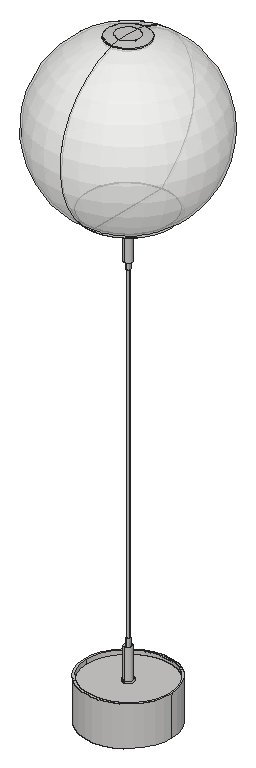
Revit family "Lighting - Luminii - Hera", category Lighting Fixtures, host Face, Revit 2020
Family settings
  Host = Face
  Round Connector Dimension = Use Diameter
  Part Type = Normal
  OmniClass Number = 23.80.70.11.14.21
  OmniClass Title = Spots and Tracklight Specialties
  Cut with Voids When Loaded = No
  Light Source = Yes
  Shared = Yes
  Room Calculation Point = No
Parameters (values of type "Hera - 10"")
  Width = if(Constraint = 1, 10", if(Constraint = 2, 12", if(Constraint = 3, 16", 20")))  # 10"
  Wattage Comments = "9.1 W"
  Wattage = 9.1 W
  Warranty URL = "https://www.luminii.com/terms-conditions/"
  built-in parameter 1150110 = 1 (stored number, unit not read)
  Voltage Comments = "120V | 277V | 347V"  # constant formula
  Voltage = 120 V
  Version = "2020 - v1.0a"  # constant formula
  URL = "https://www.luminii.com/"
  built-in parameter 1114217 = 1 (stored number, unit not read)
  Tilt Angle = -90.00°  # constant formula
  built-in parameter 1150109 = 1 (stored number, unit not read)
  built-in parameter 1150134 = (empty or 0)
  built-in parameter 1150113 = 1 (stored number, unit not read)
  Support Phone = "224-699-9545"  # constant formula
  Support Email = "mailto:support@bimsmith.com"
  Product Page URL = "https://www.luminii.com/product/hera/"
  Product Name = "Hera"  # constant formula
  Product Documentation Link = "https://www.luminii.com/wp-content/uploads/z_special_catalog_products/products/hera/specsheets/HERA_specsheet.pdf"
  Power Source Type = "Driver"  # constant formula
  Power Factor = 1
  Photometric Web File = "710-A90-35-07.ies"
  Phase = 1
  Operating Temperature = "Consult Manufacturer Website for more Information"  # constant formula
  Number of Poles = if(and(or(Voltage = 120 V, Voltage = 277 V), Phase = 1), 1, if(and(or(Voltage = 208 V, Voltage = 240 V), Phase = 1), 2, if(and(or(Voltage = 208 V, Voltage = 240 V), Phase = 3), 3, if(and(Voltage > 300 V, Phase = 1), 2, if(and(Voltage > 400 V, Phase = 3), 3, 1)))))  # 1
  Mounting Method = "Surface Mount"  # constant formula
  Model = "710"
  Manufacturer Phone Number = "224-333-6033"  # constant formula
  Manufacturer Email = "mailto:info@luminii.com"
  Manufacturer Address = "7777 N Merrimac Ave, Niles, IL 60714"  # constant formula
  Manufacturer = "Luminii"  # constant formula
  built-in parameter 1150105 = 62.277 (stored number, unit not read)
  Lumens = 782.6 lm
  built-in parameter 1150115 = 1 (stored number, unit not read)
  Lumen Output = "716 lm"
  Load Classification = Lighting
  built-in parameter 1150137 = (empty or 0)
  built-in parameter 1150139 = (empty or 0)
  Lens Material = Plastic - Luminii - Frosted Lens
  Length Comments [instance] = "Perfomance based on 1\" Photometric Web File"  # constant formula
  Length [instance] = if(Constraint = 1, 10", if(Constraint = 2, 12", if(Constraint = 3, 16", 20")))  # 10"
  built-in parameter 1150112 = 1 (stored number, unit not read)
  built-in parameter 1150114 = 1 (stored number, unit not read)
  Lamp Life = 1
  Lamp = "LED"  # constant formula
  Keynote = "26 50 00"
  Instruction Sheet Link = "https://www.luminii.com/wp-content/uploads/z_special_catalog_products/products/hera/install-guides/HERA_installation.pdf"
  built-in parameter 1150132 = (empty or 0)
  built-in parameter 1150102 = (empty or 0)
  built-in parameter 1150107 = 3000 (stored number, unit not read)
  Initial Color Comments = "Perfomance based on 3500K Photometric Web File"  # constant formula
  built-in parameter 1150138 = (empty or 0)
  built-in parameter 1150106 = 0.62277 (stored number, unit not read)
  Housing Protection Rating = "Consult Manufacturer Website for more Information"  # constant formula
  Has Dimming = 1 = 1  # yes
  Has Battery Backup = 0 = 1  # no
  Frequency Comments = ""  # constant formula
  Frequency = 60 Hz
  Finish = Metal - Luminii - Silver Anodized Aluminum
  Environment = "Indoor"  # constant formula
  built-in parameter 1150104 = 7.9897 (stored number, unit not read)
  Dimming Lamp Color Temperature Shift = <None>
  Description = "Acrylic globe pendant"  # constant formula
  Depth = if(Constraint = 1, 10", if(Constraint = 2, 12", if(Constraint = 3, 16", 20")))  # 10"
  Default Elevation = 0"  # constant formula
  Current Amps = 50 A
  Copyright = "©2023 Luminii"  # constant formula
  Color Filter = 16777215
  built-in parameter 1114216 [instance] = 0  # (empty or 0)
  Canopy Type Description [instance] = if(C Canopy Option = 2, "Round Canopy", "Square Canopy")  # "Round Canopy"
  Canopy - Square [instance] = not([Canopy - Round])  # no
  Canopy - Round [instance] = yes
  built-in parameter 1140040 [instance] = 1 = 1  # 1
  Cable Type Description [instance] = if(and([Cable - Aircraft], not(or([Cable - Feed], [Cable - Solid Stem]))), "Aircraft Cable", if(and([Cable - Solid Stem], not(or([Cable - Feed], [Cable - Aircraft]))), "Solid Stem", if(and([Cable - Feed], not(or([Cable - Solid Stem], [Cable - Aircraft]))), "Feed Cable", "Select Only One Option")))  # "Aircraft Cable"
  Cable - Solid Stem [instance] = no
  Cable - Feed [instance] = no
  Cable - Aircraft [instance] = yes
  CCT = "3000K"
  Constraint = 1
  C Light Source Offset = if(Constraint = 1, 5", if(Constraint = 2, 6", if(Constraint = 3, 8", 10")))  # 5"
  C Canopy Option [instance] = if([Canopy - Round], 2, 1)  # 2
  C Canopy Offset [instance] = if(C Canopy Option = 1, 2 11/128", 2 21/128")  # 2 21/128"
  Desired Cable Length [instance] = 24"
  C Cable Option [instance] = if(and([Cable - Aircraft], not(or([Cable - Feed], [Cable - Solid Stem]))), 1, if(and([Cable - Solid Stem], not(or([Cable - Feed], [Cable - Aircraft]))), 3, if(and([Cable - Feed], not(or([Cable - Solid Stem], [Cable - Aircraft]))), 2, 1)))  # 1
  Bottom Cap Material = Metal - Luminii - Silver Anodized Aluminum
  built-in parameter 1114218 = 1 (stored number, unit not read)
  built-in parameter 1150133 = 10 (stored number, unit not read)
  Assembly Code = "D5020230"
  Apparent Load = Wattage / Power Factor  # 9.1 VA
  Actual Cable Length [instance] = if(Desired Cable Length < 12", 12", if(Desired Cable Length > 96", 96", Desired Cable Length))  # 24"
Types (4): name | Width | Wattage Comments | Wattage | Photometric Web File | Model | built-in parameter 1150105 | Lumens | Lumen Output | Length | built-in parameter 1150106 | Depth | Constraint | C Light Source Offset | Apparent Load
  Hera - 10" | 10" | "9.1 W" | 9.1 W | "710-A90-35-07.ies" | "710" | 62.277 (stored number, unit not read) | 782.6 lm | "716 lm" | 10" | 0.62277 (stored number, unit not read) | 10" | 1 | 5" | 9.1 VA
  Hera - 12" | 12" | "9.1" | 9.1 W | "712-A90-35-07.ies" | "712" | 62.277 (stored number, unit not read) | 782.6 lm | "716 lm" | 12" | 0.62277 (stored number, unit not read) | 12" | 2 | 6" | 9.1 VA
  Hera - 16" | 16" | "8.2 W" | 8.2 W | "716-A90-35-07.ies" | "716" | 56.118 (stored number, unit not read) | 705.2 lm | "684 lm" | 16" | 0.56118 (stored number, unit not read) | 16" | 3 | 8" | 8.2 VA
  Hera - 20" | 20" | "8.2 W" | 8.2 W | "720-A90-35-07.ies" | "720" | 56.118 (stored number, unit not read) | 705.2 lm | "698 lm" | 20" | 0.56118 (stored number, unit not read) | 20" | 4 | 10" | 8.2 VA
Reference planes (in)
  plane 1 "Center (Front/Back)": y = 0
  plane 2: z = 0
  plane 3 "Center (Left/Right)": x = 0
  plane 4: x = -7
  plane 5: x = 7
  plane 6: y = 5
  plane 7: y = -5
  plane 8 "B": z = 2.16406
  plane 9 "A": z = 26.16406
  plane 10: z = 31.16406
  plane 11: z = 36.16406
Forms (in)
  Extrusion 1, solid, material "Metal - Luminii - Silver Anodized Aluminum", not visible
    sketch origin (0, 0, 0) x (1, 0, 0) y (0, 1, 0)
      loop
        circle (0, 0) r 0.5
    from 0 to -0.17225
Dimensions and locks (in)
  equal spacing: plane 4, plane 3 "Center (Left/Right)", plane 5
  equal spacing: plane 6, plane 1 "Center (Front/Back)", plane 7
  locked: plane 4 to plane 5 at 14
  "Width": plane 6 to plane 7
  "C Canopy Offset": plane 8 "B" to host face
  "Actual Cable Length": plane 9 "A" to plane 8 "B"
  "C Light Source Offset": plane 10 to plane 9 "A"
  "Length": plane 11 to plane 9 "A"
  aligned and locked: plane 2 to host face
  aligned and locked: plane 3 "Center (Left/Right)" to Extrusion 1 sketch curve
  aligned and locked: plane 1 "Center (Front/Back)" to Extrusion 1 sketch curve
  aligned and locked: plane 2 to Extrusion 1  (x2)
  aligned and locked: imposter light to plane 3 "Center (Left/Right)"
  aligned and locked: imposter light to plane 1 "Center (Front/Back)"
  aligned and locked: plane 3 "Center (Left/Right)" to nested 1
  aligned and locked: plane 1 "Center (Front/Back)" to nested 1
  aligned and locked: imposter light to plane 10
  aligned and locked: plane 3 "Center (Left/Right)" to nested 2
  aligned and locked: plane 1 "Center (Front/Back)" to nested 2
  aligned and locked: plane 3 "Center (Left/Right)" to nested 3
  aligned and locked: plane 1 "Center (Front/Back)" to nested 3
Automatic sketch dimensions
  host sketch curve to host sketch curve = 96"  (x2)
  radius of Extrusion 1 sketch curve = 1/2"
Nested families (in)
  nested 1: "Nested - Lamp" at (0, 0, 26.16406), type "Nested - Lamp"
    with Constraint 1, 20IN no, 10IN yes
  nested 2: "Nested - Canopy" at (0, 0, 0), type "Nested - Canopy"
  nested 3: "Nested - Cable" at (0, 0, 2.16406), type "Nested - Cable"
    with Constraint 1, Solid Stem no, Single Aircraft Cable yes
Connectors (in)
  electrical at (0, 0, 0), driven by "Number of Poles", driven by "Load Classification", driven by "Voltage", driven by "Apparent Load", driven by "Power Factor"
    settings: on Extrusion 1, index 1, voltage 120 V, apparent load 9.1 VA, apparent load phase1 0 VA, apparent load phase2 0 VA, apparent load phase3 0 VA, power factor 1, load classification "Lighting", number of poles 1, system type 30, power factor state 1, is connector primary yes, connector utility no, sub classification motor no, connector description "Power Connection"
Definition of nested family "Nested - Lamp"
  Parameters (values of type "Nested - Lamp")
    Top Cap Material = none
    Screen Material = none
    End Cap Material = none
    Default Elevation = 48"
    Constraint = 4
    20IN = Constraint = 4  # yes
    16IN = Constraint = 3  # no
    12IN = Constraint = 2  # no
    10IN = Constraint = 1  # no
  Reference planes (in)
    plane 1 "Center (Front/Back)": y = 0
    plane 2: z = 0
    plane 3 "Center (Left/Right)": x = 0
  Forms (in)
    Extrusion 1, solid
      sketch origin (0, 0, 0) x (1, 0, 0) y (0, 1, 0)
        loop
          line (-48, 48) -> (-48, -48) -> (48, -48) -> (48, 48) -> (-48, 48)
      from 0 to -12
    Revolve 2, solid, material <- "Top Cap Material", visible <- "10IN"
      sketch origin (0, 0, 0) x (0, 1, 0) y (0, 0, 1)
        loop
          line (0, 0.81254) -> (0, 0)
          arc (0, 0) -> (1.34248, 0.20801) -> (2.55906, 0.81254) r 4.43608
          line (2.55906, 0.81254) -> (0, 0.81254)
        axis (0, 0.81254) -> (0, 0)
      angle from 0 to 360
    Revolve 3, solid, material <- "Screen Material", visible <- "10IN"
      sketch origin (0, 0, 0) x (0, 1, 0) y (0, 0, 1)
        loop
          arc (2.48536, 0.81254) -> (4.95264, 5.83764) -> (1.21146, 10.0021) r 5
          line (1.21146, 10.0021) -> (0, 10.0021) -> (0, 9.90368) -> (1.1993, 9.90368)
          arc (1.1993, 9.90368) -> (4.85418, 5.83108) -> (2.45903, 0.91097) r 4.90157
          line (2.45903, 0.91097) -> (0, 0.91097) -> (0, 0.81254) -> (2.48536, 0.81254)
        axis (0, 10.0021) -> (0, 0.81254)
      angle from 0 to 360
    Revolve 4, solid, material <- "End Cap Material", visible <- "10IN"
      sketch origin (0, 0, 0) x (0, 1, 0) y (0, 0, 1)
        loop
          line (0, 10.14379) -> (0, 10.0021) -> (1.1812, 10.0021) -> (1.1812, 10.04874)
          arc (1.1812, 10.04874) -> (0.92595, 10.10109) -> (0.6689, 10.14379) r 6.91882
          line (0.6689, 10.14379) -> (0, 10.14379)
        axis (0, 10.14379) -> (0, 10.0021)
      angle from 0 to 360
    Revolve 5, solid, material <- "Screen Material", visible <- "12IN"
      sketch origin (0, 0, 1.02088) x (0, 1, 0) y (0, 0, 1)
        loop
          arc (2.99879, -0.04577) -> (5.94471, 5.96374) -> (1.49399, 10.96211) r 6
          line (1.49399, 10.96211) -> (0, 10.96211) -> (0, 10.86368) -> (1.48149, 10.86368)
          arc (1.48149, 10.86368) -> (5.84625, 5.95728) -> (2.97231, 0.05266) r 5.90157
          line (2.97231, 0.05266) -> (0, 0.05266) -> (0, -0.04577) -> (2.99879, -0.04577)
        axis (0, 10.96211) -> (0, -0.04577)
      angle from 0 to 360
    Revolve 6, solid, material <- "End Cap Material", visible <- "12IN"
      sketch origin (0, 0, 1.98089) x (0, 1, 0) y (0, 0, 1)
        loop
          arc (1.41598, 10.06959) -> (1.07634, 10.14162) -> (0.73311, 10.19391) r 6.00926
          line (0.73311, 10.19391) -> (0, 10.19391) -> (0, 10.0021) -> (1.41598, 10.0021) -> (1.41598, 10.06959)
        axis (0, 10.19391) -> (0, 10.0021)
      angle from 0 to 360
    Revolve 7, solid, material <- "Top Cap Material", visible <- "12IN"
      sketch origin (0, 0, 0.16258) x (0, 1, 0) y (0, 0, 1)
        loop
          line (0, 0.81254) -> (0, -0.16258)
          arc (0, -0.16258) -> (1.6154, 0.08702) -> (3.08014, 0.81254) r 5.35222
          line (3.08014, 0.81254) -> (0, 0.81254)
        axis (0, -0.16258) -> (0, 0.81254)
      angle from 0 to 360
    Revolve 8, solid, material <- "Screen Material", visible <- "16IN"
      sketch origin (0, 0, 3.07821) x (0, 1, 0) y (0, 0, 1)
        loop
          arc (3.99839, -1.77805) -> (7.92628, 6.23463) -> (1.99199, 12.89912) r 8
          line (1.99199, 12.89912) -> (0, 12.89912) -> (0, 12.80069) -> (1.9795, 12.80069)
          arc (1.9795, 12.80069) -> (7.82782, 6.22817) -> (3.97194, -1.67962) r 7.90157
          line (3.97194, -1.67962) -> (0, -1.67962) -> (0, -1.77805) -> (3.99839, -1.77805)
        axis (0, 12.89912) -> (0, -1.77805)
      angle from 0 to 360
    Revolve 9, solid, material <- "Top Cap Material", visible <- "16IN"
      sketch origin (0, 0, 0.48762) x (0, 1, 0) y (0, 0, 1)
        loop
          line (0, 0.81254) -> (0, -0.48762)
          arc (0, -0.48762) -> (2.16675, -0.15491) -> (4.13386, 0.81254) r 7.22189
          line (4.13386, 0.81254) -> (0, 0.81254)
        axis (0, -0.48762) -> (0, 0.81254)
      angle from 0 to 360
    Revolve 10, solid, material <- "End Cap Material", visible <- "16IN"
      sketch origin (0, 0, 5.97522) x (0, 1, 0) y (0, 0, 1)
        loop
          arc (1.92581, 10.08363) -> (1.45219, 10.18504) -> (0.97334, 10.25785) r 8.07087
          line (0.97334, 10.25785) -> (0, 10.25785) -> (0, 10.0021) -> (1.92581, 10.0021) -> (1.92581, 10.08363)
        axis (0, 10.25785) -> (0, 10.0021)
      angle from 0 to 360
    Revolve 11, solid, material <- "Screen Material", visible <- "20IN"
      sketch origin (0, 0, 5.13553) x (0, 1, 0) y (0, 0, 1)
        loop
          arc (4.99798, -3.51033) -> (9.90785, 6.50551) -> (2.48998, 14.83612) r 10
          line (2.48998, 14.83612) -> (0, 14.83612) -> (0, 14.7377) -> (2.4775, 14.7377)
          arc (2.4775, 14.7377) -> (9.80939, 6.49906) -> (4.97155, -3.41191) r 9.90157
          line (4.97155, -3.41191) -> (0, -3.41191) -> (0, -3.51033) -> (4.99798, -3.51033)
        axis (0, 14.83612) -> (0, -3.51033)
      angle from 0 to 360
    Revolve 12, solid, material <- "Top Cap Material", visible <- "20IN"
      sketch origin (0, 0, 0.81266) x (0, 1, 0) y (0, 0, 1)
        loop
          line (0, 0.81254) -> (0, -0.81266)
          arc (0, -0.81266) -> (2.68497, -0.3966) -> (5.11811, 0.81254) r 8.87164
          line (5.11811, 0.81254) -> (0, 0.81254)
        axis (0, -0.81266) -> (0, 0.81254)
      angle from 0 to 360
    Revolve 13, solid, material <- "End Cap Material", visible <- "20IN"
      sketch origin (0, 0, 9.96955) x (0, 1, 0) y (0, 0, 1)
        loop
          arc (2.43941, 10.10311) -> (1.68004, 10.23179) -> (0.91512, 10.32179) r 15.18051
          line (0.91512, 10.32179) -> (0, 10.32179) -> (0, 10.0021) -> (2.43941, 10.0021) -> (2.43941, 10.10311)
        axis (0, 10.32179) -> (0, 10.0021)
      angle from 0 to 360
  Dimensions and locks (in)
    aligned and locked: plane 2 to Extrusion 1
    aligned and locked: level to Extrusion 1
Definition of nested family "Nested - Canopy"
  Parameters (values of type "Nested - Canopy")
    Finish = none
    Default Elevation = 48"
    Constraint = 2
    Round Canopy = Constraint = 2  # yes
    Square Canopy = Constraint = 1  # no
  Reference planes (in)
    plane 1 "Center (Front/Back)": y = 0
    plane 2: z = 0
    plane 3 "Center (Left/Right)": x = 0
  Forms (in)
    Extrusion 1, solid
      sketch origin (0, 0, 0) x (1, 0, 0) y (0, 1, 0)
        loop
          line (-48, 48) -> (-48, -48) -> (48, -48) -> (48, 48) -> (-48, 48)
      from 0 to -12
    Extrusion 2, solid, material <- "Finish", visible <- "Round Canopy", detail levels medium+fine
      sketch origin (0, 0, 0) x (1, 0, 0) y (0, 1, 0)
        loop
          circle (0, 0) r 2.58346
        loop
          circle (0, 0) r 2.48504
      from 0 to 2.3622
    Extrusion 3, solid, material <- "Finish", visible <- "Round Canopy", detail levels medium+fine
      sketch origin (0, 0, 0) x (1, 0, 0) y (0, 1, 0)
        loop
          circle (0, 0) r 2.48504
      from 0 to 2.16535
    Extrusion 4, solid, material <- "Finish", visible <- "Square Canopy", detail levels medium+fine
      sketch origin (0, 0, 0) x (1, 0, 0) y (0, 1, 0)
        loop
          arc (-2.78543, -2.49016) -> (-2.69895, -2.69895) -> (-2.49016, -2.78543) r 0.29528
          line (-2.49016, -2.78543) -> (2.49016, -2.78543)
          arc (2.49016, -2.78543) -> (2.69895, -2.69895) -> (2.78543, -2.49016) r 0.29528
          line (2.78543, -2.49016) -> (2.78543, 2.49016)
          arc (2.78543, 2.49016) -> (2.69895, 2.69895) -> (2.49016, 2.78543) r 0.29528
          line (2.49016, 2.78543) -> (-2.49016, 2.78543)
          arc (-2.49016, 2.78543) -> (-2.69895, 2.69895) -> (-2.78543, 2.49016) r 0.29528
          line (-2.78543, 2.49016) -> (-2.78543, -2.49016)
        loop
          arc (-2.68701, -2.49016) -> (-2.62935, -2.62935) -> (-2.49016, -2.68701) r 0.19685
          line (-2.49016, -2.68701) -> (2.49016, -2.68701)
          arc (2.49016, -2.68701) -> (2.62935, -2.62935) -> (2.68701, -2.49016) r 0.19685
          line (2.68701, -2.49016) -> (2.68701, 2.49016)
          arc (2.68701, 2.49016) -> (2.62935, 2.62935) -> (2.49016, 2.68701) r 0.19685
          line (2.49016, 2.68701) -> (-2.49016, 2.68701)
          arc (-2.49016, 2.68701) -> (-2.62935, 2.62935) -> (-2.68701, 2.49016) r 0.19685
          line (-2.68701, 2.49016) -> (-2.68701, -2.49016)
      from 0 to 2.28346
    Extrusion 5, solid, material <- "Finish", visible <- "Square Canopy", detail levels medium+fine
      sketch origin (0, 0, 0) x (1, 0, 0) y (0, 1, 0)
        loop
          arc (-2.68701, -2.49016) -> (-2.62935, -2.62935) -> (-2.49016, -2.68701) r 0.19685
          line (-2.49016, -2.68701) -> (2.49016, -2.68701)
          arc (2.49016, -2.68701) -> (2.62935, -2.62935) -> (2.68701, -2.49016) r 0.19685
          line (2.68701, -2.49016) -> (2.68701, 2.49016)
          arc (2.68701, 2.49016) -> (2.62935, 2.62935) -> (2.49016, 2.68701) r 0.19685
          line (2.49016, 2.68701) -> (-2.49016, 2.68701)
          arc (-2.49016, 2.68701) -> (-2.62935, 2.62935) -> (-2.68701, 2.49016) r 0.19685
          line (-2.68701, 2.49016) -> (-2.68701, -2.49016)
      from 0 to 2.08661
    Extrusion 6, solid, material <- "Finish", visible <- "Square Canopy", detail levels coarse
      sketch origin (0, 0, 0) x (1, 0, 0) y (0, 1, 0)
        loop
          line (-2.78543, -2.78543) -> (2.78543, -2.78543) -> (2.78543, 2.78543) -> (-2.78543, 2.78543) -> (-2.78543, -2.78543)
      from 0 to 2.08661
    Extrusion 7, solid, material <- "Finish", visible <- "Round Canopy", detail levels coarse
      sketch origin (0, 0, 0) x (1, 0, 0) y (0, 1, 0)
        loop
          circle (0, 0) r 2.58346
      from 0 to 2.16535
  Dimensions and locks (in)
    aligned and locked: plane 2 to Extrusion 1
    aligned and locked: level to Extrusion 1
Definition of nested family "Nested - Cable"
  Parameters (values of type "Nested - Cable")
    Finish = none
    Default Elevation = 48"
    Constraint = 3
    Cable Length = 24"
    Solid Stem = Constraint = 3  # yes
    Feed Cable = Constraint = 2  # no
    Single Aircraft Cable = Constraint = 1  # no
  Reference planes (in)
    plane 1 "Center (Front/Back)": y = 0
    plane 2: z = 0
    plane 3 "Center (Left/Right)": x = 0
    plane 4: z = 2.24365
    plane 5: z = 21.75635
    plane 6: z = 24
    plane 7: z = 1.33051
    plane 8: z = 22.66949
  Forms (in)
    Extrusion 1, solid
      sketch origin (0, 0, 0) x (1, 0, 0) y (0, 1, 0)
        loop
          line (-48, 48) -> (-48, -48) -> (48, -48) -> (48, 48) -> (-48, 48)
      from 0 to -12
    Revolve 2, solid, material <- "Finish", visible <- "Single Aircraft Cable", detail levels medium+fine
      sketch origin (0, -15.0342, 20.16453) x (0, 1, 0) y (0, 0, -1)
        loop
          line (15.0342, 20.16453) -> (15.0342, 17.92088) -> (15.12872, 17.92088) -> (15.12872, 18.35351) -> (15.26529, 18.35351) -> (15.26529, 20.08579) -> (15.3452, 20.08579) -> (15.3452, 20.16453) -> (15.0342, 20.16453)
        axis (15.0342, 20.16453) -> (15.0342, 17.92088)
      angle from 0 to 360
    Revolve 3, solid, material <- "Finish", visible <- "Single Aircraft Cable", detail levels medium+fine
      sketch origin (0, -15.0342, -10.75596) x (0, 1, 0) y (0, 0, 1)
        loop
          line (15.0342, 34.75596) -> (15.0342, 32.51231) -> (15.12872, 32.51231) -> (15.12872, 32.94494) -> (15.26529, 32.94494) -> (15.26529, 34.67722) -> (15.3452, 34.67722) -> (15.3452, 34.75596) -> (15.0342, 34.75596)
        axis (15.0342, 34.75596) -> (15.0342, 32.51231)
      angle from 0 to 360
    Extrusion 4, solid, material <- "Finish", visible <- "Single Aircraft Cable", detail levels medium+fine
      sketch origin (0, 0, 0) x (1, 0, 0) y (0, 1, 0)
        loop
          circle (0, 0) r 0.07348
      from 2.24365 to 21.75635
    Revolve 5, solid, material <- "Finish", visible <- "Feed Cable", detail levels medium+fine
      sketch origin (0, 0, 0) x (0, 1, 0) y (0, 0, 1)
        loop
          line (0, 1.33051) -> (0, 0) -> (0.46996, 0) -> (0.25923, 1.33051) -> (0, 1.33051)
        axis (0, 1.33051) -> (0, 0)
      angle from 0 to 360
    Revolve 6, solid, material <- "Finish", visible <- "Feed Cable", detail levels medium+fine
      sketch origin (0, 0, 23.0315) x (0, 1, 0) y (0, 0, 1)
        loop
          line (0, -0.36201) -> (0.25923, -0.36201) -> (0.46996, 0.9685) -> (0, 0.9685) -> (0, -0.36201)
        axis (0, -0.36201) -> (0, 0.9685)
      angle from 0 to 360
    Extrusion 7, solid, material <- "Finish", visible <- "Feed Cable", detail levels medium+fine
      sketch origin (0, 0, 0) x (1, 0, 0) y (0, 1, 0)
        loop
          circle (0, 0) r 0.25923
      from 1.33051 to 22.66949
    Revolve 8, solid, material <- "Finish", visible <- "Solid Stem", detail levels medium+fine
      sketch origin (0, 0, 0) x (0, 1, 0) y (0, 0, 1)
        loop
          line (0.46996, 0) -> (0.46996, 0.10096) -> (0.427, 0.10096) -> (0.427, 1.33051) -> (0, 1.33051) -> (0, 0) -> (0.46996, 0)
        axis (0, 1.33051) -> (0, 0)
      angle from 0 to 360
    Revolve 9, solid, material <- "Finish", visible <- "Solid Stem", detail levels medium+fine
      sketch origin (0, 0, 27.55906) x (0, 1, 0) y (0, 0, -1)
        loop
          line (0.46996, 3.55906) -> (0.46996, 3.66001) -> (0.427, 3.66001) -> (0.427, 4.88957) -> (0, 4.88957) -> (0, 3.55906) -> (0.46996, 3.55906)
        axis (0, 3.55906) -> (0, 4.88957)
      angle from 0 to 360
    Extrusion 10, solid, material <- "Finish", visible <- "Solid Stem", detail levels medium+fine
      sketch origin (0, 0, 0) x (1, 0, 0) y (0, 1, 0)
        loop
          circle (0, 0) r 0.427
      from 1.33051 to 22.66949
    Extrusion 11, solid, material <- "Finish", detail levels coarse
      sketch origin (0, 0, 0) x (1, 0, 0) y (0, 1, 0)
        loop
          circle (0, 0) r 0.25923
      from 0 to 24
  Dimensions and locks (in)
    locked: plane 5 to plane 6 at 2.24365
    "Cable Length": plane 6 to level
    Revolve 3 sketch curve to Revolve 3 sketch curve to plane 6 = 1.73228" locked, 0.07874" locked
    locked: plane 8 to plane 6 at 1.33051
    aligned and locked: plane 2 to Extrusion 1
    aligned and locked: level to Extrusion 1
    aligned and locked: plane 5 to Revolve 3 sketch curve
    aligned and locked: Revolve 3 sketch curve to plane 6
    aligned and locked: plane 4 to Extrusion 4
    aligned and locked: Extrusion 4 to plane 5
    aligned and locked: plane 7 to Revolve 5 sketch curve
    aligned and locked: plane 6 to Revolve 6 sketch curve
    aligned and locked: Revolve 6 sketch curve to plane 8
    aligned and locked: Extrusion 7 to Revolve 5
    aligned and locked: Extrusion 7 to Revolve 6
    aligned and locked: plane 8 to Revolve 9 sketch curve
    aligned and locked: Revolve 9 sketch curve to plane 6
    aligned and locked: Extrusion 10 to Revolve 6
    aligned and locked: Extrusion 10 to Revolve 5
    aligned and locked: Extrusion 11 to plane 6
    aligned and locked: Extrusion 11 to level
  Automatic sketch dimensions
    Extrusion 1 sketch curve to Extrusion 1 sketch curve = 96"  (x2)
    Revolve 2 sketch curve to level = 0"
    Revolve 2 sketch curve to plane 1 "Center (Front/Back)" = 0"  (x2)
    plane 4 to Revolve 2 sketch curve = 0"
    plane 1 "Center (Front/Back)" to Revolve 2 sketch curve = 0.09451"
    Revolve 2 sketch curve to Revolve 2 sketch curve = 0.13658"
    Revolve 2 sketch curve to Revolve 2 sketch curve = 0.07991"
    Revolve 2 sketch curve to Revolve 2 sketch curve = 0.43263"
    Revolve 2 sketch curve to level = 0.07874"
    plane 4 to Revolve 2 sketch curve = 0.44848"
    Revolve 2 sketch curve to Revolve 2 sketch curve = 0.52794"
    Revolve 3 sketch curve to plane 1 "Center (Front/Back)" = 0"  (x2)
    Revolve 3 sketch curve to plane 1 "Center (Front/Back)" = 0.09451"
    Revolve 3 sketch curve to Revolve 3 sketch curve = 0.13658"
    Revolve 3 sketch curve to Revolve 3 sketch curve = 0.07991"
    Revolve 3 sketch curve to plane 4 = 4.47278"
    Revolve 3 sketch curve to Revolve 3 sketch curve = 0.52794"
    plane 1 "Center (Front/Back)" to Extrusion 4 sketch curve = 0"
    Extrusion 4 sketch curve to plane 3 "Center (Left/Right)" = 0"
    Revolve 5 sketch curve to plane 1 "Center (Front/Back)" = 0"  (x2)
    Revolve 5 sketch curve to level = 0"
    Revolve 5 sketch curve to Revolve 5 sketch curve = 0.25923"
    Revolve 5 sketch curve to Revolve 5 sketch curve = 0.46996"
    Revolve 5 sketch curve to level = 0.83484"
    Revolve 5 sketch curve to plane 4 = 0.46481"
    Revolve 6 sketch curve to plane 1 "Center (Front/Back)" = 0"  (x2)
    Revolve 6 sketch curve to Revolve 6 sketch curve = 0.25923"
    Revolve 6 sketch curve to Revolve 6 sketch curve = 0.46996"
    plane 5 to Revolve 6 sketch curve = 4.99237"
    Revolve 6 sketch curve to Revolve 6 sketch curve = 0.83484"
    plane 1 "Center (Front/Back)" to Extrusion 7 sketch curve = 0"
    Extrusion 7 sketch curve to plane 3 "Center (Left/Right)" = 0"
    Revolve 8 sketch curve to plane 1 "Center (Front/Back)" = 0"  (x2)
    Revolve 8 sketch curve to plane 7 = 0"
    Revolve 8 sketch curve to level = 0"
    Revolve 8 sketch curve to plane 1 "Center (Front/Back)" = 0.427"
    Revolve 8 sketch curve to Revolve 8 sketch curve = 11/256"
    Revolve 8 sketch curve to Revolve 8 sketch curve = 0.10096"
    Revolve 8 sketch curve to level = 0.58138"
    plane 4 to Revolve 8 sketch curve = 0.20907"
    Revolve 9 sketch curve to plane 1 "Center (Front/Back)" = 0"  (x2)
    plane 1 "Center (Front/Back)" to Revolve 9 sketch curve = 0.427"
    Revolve 9 sketch curve to Revolve 9 sketch curve = 11/256"
    Revolve 9 sketch curve to Revolve 9 sketch curve = 0.10096"
    Revolve 9 sketch curve to Revolve 9 sketch curve = 0.58138"
    plane 4 to Revolve 9 sketch curve = 23.28081"
    plane 1 "Center (Front/Back)" to Extrusion 10 sketch curve = 0"
    Extrusion 10 sketch curve to plane 3 "Center (Left/Right)" = 0"
    plane 1 "Center (Front/Back)" to Extrusion 11 sketch curve = 0"
    Extrusion 11 sketch curve to plane 3 "Center (Left/Right)" = 0"
    radius of Extrusion 4 sketch curve = 0.07348"
    radius of Extrusion 7 sketch curve = 0.25923"
    radius of Extrusion 10 sketch curve = 0.427"
    radius of Extrusion 11 sketch curve = 0.25923"
